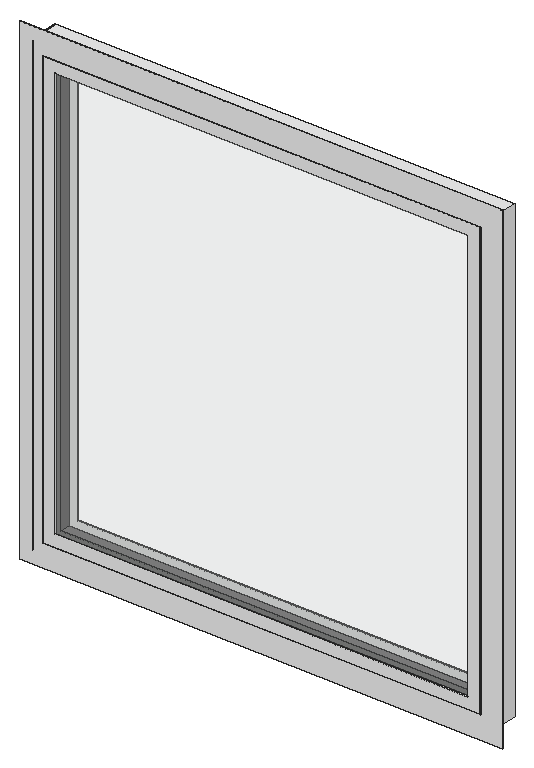
Revit family "Casement_38_E_Top_Hung_Standard", category Windows, host Wall, Revit 2014
Parameters (values of type "Casement_Sash_DG")
  Width Sash [instance] = 30 mm
  Width Sash Inner = 15 mm
  Width Bead = 15 mm
  Top Hung [instance] = yes
  Side Hung Right [instance] = yes
  Side Hung Left [instance] = yes
  Sash Opening Width [instance] = 600 mm
  Sash Opening Height [instance] = 600.312 mm
  Sash Lip = 15 mm
  Glazing Material [instance] = Glass
  DG Start Piece 2 [instance] = DG End Piece 1 + DG Gasket Thickness  # 25 mm
  DG Start Peice 1 [instance] = (Depth Sash - (2 * DG Glazing Thickness) - DG Gasket Thickness) / 2  # 6.6 mm
  Glazing Offset = 5 mm
  DG Glazing Thickness [instance] = 6.4 mm
  DG Gasket Thickness = 12 mm  # constant formula
  DG Gasket Material [instance] = Double Glazing Gasket Material
  DG End Piece 2 [instance] = DG Start Piece 2 + DG Glazing Thickness  # 31.4 mm
  DG End Piece 1 [instance] = DG Start Peice 1 + DG Glazing Thickness  # 13 mm
  Depth Sash [instance] = 38 mm
  Center Vertical Sash [instance] = Sash Opening Height / 2  # 300.156 mm
  Center Horizontal Sash [instance] = Sash Opening Width / 2  # 300 mm
  Bottom Hung [instance] = yes
  Bead Offset = 15 mm
  Aluminium Thickness = 1 mm
  Aluminium Material [instance] = White Powder Coated Aluminium
Reference planes
  plane 1 "Center (Front/Back)": y = 0
  plane 2: z = 0
  plane 3 "Center (Left/Right)": x = 0
Forms (mm)
  Sweep 1, solid, material "White Powder Coated Aluminium" <- "Aluminium Material"
    path origin (16.177, 0, 121.331) x (1, 0, 0) y (0, 0, 1)
      loop
        line (0, 0) -> (600, 0) -> (600, 600.312) -> (0, 600.312) -> (0, 0)
    profile origin (316.177, 0, 121.331) x (0, 0, 1) y (0, -1, 0)
      loop
        line (0, 0) -> (30, 0) -> (30, 1) -> (15, 1) -> (15, 38) -> (-15, 38) -> (-15, 37) -> (0, 37) -> (0, 0)
      loop
        line (14, 1) -> (14, 37) -> (1, 37) -> (1, 1) -> (14, 1)
  Sweep 2, solid, material "White Powder Coated Aluminium" <- "Aluminium Material"
    path origin (0, 0, 0) x (1, 0, 0) y (0, 0, 1)
      loop
        line (31.177, 706.643) -> (31.177, 136.331) -> (601.177, 136.331) -> (601.177, 706.643) -> (31.177, 706.643)
    profile origin (316.177, 0, 706.643) x (0, 0, 1) y (0, -1, 0)
      loop
        line (0, 37) -> (0, 38) -> (-15, 38) -> (-15, 37) -> (0, 37)
  Extrusion 3, solid, material "Glass" <- "Glazing Material"
    sketch origin (0, 0, 0) x (1, 0, 0) y (0, 0, 1)
      loop
        line (36.177, 701.643) -> (36.177, 141.331) -> (596.177, 141.331) -> (596.177, 701.643) -> (36.177, 701.643)
    from 6.6 <- "DG Start Peice 1" to 13 <- "DG End Piece 1"
  Extrusion 4, solid, material "Glass" <- "Glazing Material"
    sketch origin (0, 0, 0) x (1, 0, 0) y (0, 0, 1)
      loop
        line (36.177, 701.643) -> (36.177, 141.331) -> (596.177, 141.331) -> (596.177, 701.643) -> (36.177, 701.643)
    from 31.4 <- "DG End Piece 2" to 25 <- "DG Start Piece 2"
  Sweep 5, solid, material "Double Glazing Gasket Material" <- "DG Gasket Material"
    path origin (0, -13, 0) x (1, 0, 0) y (0, 0, 1)
      loop
        line (36.177, 701.643) -> (36.177, 141.331) -> (596.177, 141.331) -> (596.177, 701.643) -> (36.177, 701.643)
    profile origin (316.177, -13, 701.643) x (0, 0, 1) y (0, -1, 0)
      loop
        line (0, 0) -> (0, 12) -> (-7.96, 12) -> (-7.96, 0) -> (0, 0)
Lines and regions (mm)
  model lines
    curve 1: line (1.177, -38, 736.643) -> (31.177, -38, 706.643)
    curve 2: line (601.177, -38, 706.643) -> (631.177, -38, 736.643)
    curve 3: line (601.177, -38, 136.331) -> (631.177, -38, 106.331)
    curve 4: line (1.177, -38, 106.331) -> (31.177, -38, 136.331)
    curve 5: line (631.177, -37, 736.643) -> (616.177, -37, 721.643)
    curve 6: line (1.177, -37, 736.643) -> (16.177, -37, 721.643)
    curve 7: line (1.177, -37, 106.331) -> (16.177, -37, 121.331)
    curve 8: line (631.177, -37, 106.331) -> (616.177, -37, 121.331)
    curve 9: line (616.177, 0, 121.331) -> (586.177, 0, 151.331)
    curve 10: line (46.177, 0, 151.331) -> (16.177, 0, 121.331)
    curve 11: line (616.177, 0, 721.643) -> (586.177, 0, 691.643)
    curve 12: line (46.177, 0, 691.643) -> (16.177, 0, 721.643)
    curve 13: line (31.177, -38, 691.643) -> (46.177, -38, 691.643)
    curve 14: line (586.177, -38, 691.643) -> (601.177, -38, 691.643)
    curve 15: line (586.177, -38, 151.331) -> (601.177, -38, 151.331)
    curve 16: line (31.177, -38, 151.331) -> (46.177, -38, 151.331)
  model lines, style "GenericModelHiddenLines", visible <- "Top Hung"
    curve 17: line (46.386, -31.4, 690.914) -> (316.177, -31.4, 151.331)
    curve 18: line (316.177, -31.4, 151.331) -> (586.177, -31.4, 691.331)
  model lines, style "GenericModelHiddenLines", visible <- "Bottom Hung"
    curve 19: line (46.177, -31.4, 151.331) -> (316.177, -31.4, 691.331)
    curve 20: line (316.177, -31.4, 691.331) -> (586.177, -31.4, 151.331)
  model lines, style "GenericModelHiddenLines", visible <- "Side Hung Left"
    curve 21: line (46.386, -31.4, 690.914) -> (585.24, -31.4, 421.487)
    curve 22: line (585.24, -31.4, 421.487) -> (46.177, -31.4, 151.331)
  model lines, style "GenericModelHiddenLines", visible <- "Side Hung Right"
    curve 23: line (586.177, -31.4, 691.331) -> (46.177, -31.4, 421.487)
    curve 24: line (46.177, -31.4, 421.487) -> (586.177, -31.4, 151.331)
Dimensions and locks
  "Aluminium Thickness": Sweep 1 sketch curve to Sweep 1 sketch curve  (x4)
  "Depth Sash": Sweep 1 sketch curve to Sweep 1 sketch curve
  "Sash Opening Width": Sweep 1 to Sweep 1
  "Sash Opening Height": Sweep 1 to Sweep 1
  "Width Sash": Sweep 1 sketch curve to Sweep 1 sketch curve  (x2)
  "Width Sash Inner": Sweep 1 sketch curve to Sweep 1 sketch curve
  "Sash Lip": Sweep 1 sketch curve to Sweep 1 sketch curve
  "Aluminium Thickness": Sweep 1 to Sweep 2 sketch curve
  "Glazing Offset": Sweep 2 to Extrusion 3 sketch curve  (x3)
  "Glazing Offset": Extrusion 3 sketch curve to Sweep 2
  Sweep 1 to Sweep 1 = 1 mm
  "Aluminium Thickness": Sweep 2 sketch curve to Sweep 2 sketch curve
  "Width Bead": Sweep 2 sketch curve to Sweep 2 sketch curve
  locked: Sweep 5 sketch curve to Sweep 5 sketch curve at 7.96
  "Center Horizontal Sash": Sweep 1 to curve 18
  "Center Horizontal Sash": Sweep 1 to curve 20
  "Center Vertical Sash": Sweep 1 to curve 22
  "Center Vertical Sash": Sweep 1 to curve 24
  aligned and locked: level to plane 2
  aligned and locked: Sweep 1 sketch curve to Sweep 1 sketch curve  (x2)
  aligned and locked: Sweep 2 sketch curve to Sweep 1  (x5)
  aligned and locked: Extrusion 4 sketch curve to Extrusion 3  (x4)
  aligned and locked: Sweep 5 sketch curve to Extrusion 3  (x5)
  aligned and locked: Extrusion 3 to Sweep 5 sketch curve
Automatic sketch dimensions
  plane 3 "Center (Left/Right)" to Sweep 1 sketch curve = 16.177 mm
  level to Sweep 1 sketch curve = 121.331 mm
  plane 3 "Center (Left/Right)" to Sweep 1 sketch curve = 616.177 mm
  level to Sweep 1 sketch curve = 721.643 mm
  profile plane to Sweep 5 sketch curve = 12 mm
  curve 7 to Sweep 1 = 0 mm  (x4)
  curve 6 to Sweep 1 = 0 mm  (x3)
  Sweep 1 to curve 6 = 0 mm
  curve 5 to Sweep 1 = 0 mm  (x3)
  curve 8 to Sweep 1 = 0 mm  (x4)
  Sweep 1 to curve 5 = 0 mm
  curve 16 to Sweep 2 = 0 mm  (x3)
  curve 13 to Sweep 2 = 0 mm  (x3)
  curve 15 to Sweep 2 = 0 mm
  Sweep 2 to curve 15 = 0 mm  (x2)
  curve 14 to Sweep 2 = 0 mm  (x2)
  Sweep 2 to curve 14 = 0 mm
  curve 1 to Sweep 1 = 0 mm  (x4)
  curve 4 to Sweep 1 = 0 mm  (x3)
  Sweep 1 to curve 4 = 0 mm
  curve 3 to Sweep 1 = 0 mm  (x3)
  curve 2 to Sweep 1 = 0 mm  (x4)
  Sweep 1 to curve 3 = 0 mm
  curve 10 to Sweep 1 = 0 mm  (x4)
  curve 12 to Sweep 1 = 0 mm  (x3)
  Sweep 1 to curve 12 = 0 mm
  curve 9 to Sweep 1 = 0 mm  (x4)
  curve 11 to Sweep 1 = 0 mm  (x3)
  Sweep 1 to curve 11 = 0 mm
  Sweep 1 sketch curve to plane 1 "Center (Front/Back)" = 0 mm
  profile plane to Sweep 1 sketch curve = 0 mm
  curve 21 to Extrusion 4 = 10.208 mm
  curve 19 to Extrusion 4 = 10 mm
  curve 23 to Extrusion 4 = 10 mm  (x2)
  curve 22 to Extrusion 4 = 10.937 mm
  curve 20 to Extrusion 4 = 10 mm
  curve 24 to Extrusion 4 = 10 mm
  curve 22 to Extrusion 4 = 10 mm
  curve 18 to Extrusion 4 = 10 mm
  curve 21 to Extrusion 4 = 10.729 mm
  curve 19 to Extrusion 4 = 10.312 mm
  curve 18 to Extrusion 4 = 10.312 mm
Types in the file's own list only (6): name | Windload Design | Width Sash Opening | Width Sash | Width Profile | Width Fixed Pane RHS | Width Fixed Pane Bottom LHS | Width Panel 1 | Width | URL | Offset Window Exterior | Max System DG Unit Thickness | Max System DG One Piece Thickness | Max Pane Area | Limit Fixed Pane Width Min | Limit Fixed Pane Width Max | Limit Fixed Pane Height Min | Limit Fixed Pane Height Max | Intruderprufe U Value | Intruderprufe SHGC Value | Intruderprufe LowE U Value | Intruderprufe LowE SHGC Value | Intruderprufe Insulated U Value | Intruderprufe Insulated SHGC Value | Intruderprufe Insulated LowE U Value | Intruderprufe Insulated LowE SHGC Value | Height | Energy Advantage U Value | Energy Advantage SHGC Value | DG Thickness Calc | Custom Window Width | Custom Window Height | Window Exterior Offset | Custom Windload | Custom Sash Width | Custom Sash Height | Sash Spacing Inner | Sash Overlap | Sash Center Offset | SG Gasket Thickness | Offset Sash Left | Offset Sash Top | Offset Panel 4 Left | Offset Panel 3 Bead Top | Offset Mullion Left | Offset Transom Top | Offset Bead SG Center Reversed | Model | Manufacturer | Limit Window Width Min | Limit Window Width Max | Limit Window Height Min | Limit Window Height Max | Limit Sash Width Min | Limit Sash Width Max | Limit Sash Height Min | Limit Sash Height Max | Length Transom | Length Mullion | Height Sash Opening | Height Sash | Height Fixed Pane RHS | Height Fixed Pane Bottom LHS | Height Panel 1 | Description | Depth Mullion | Frame Center Offset | Depth Bead | Default Sill Height | Wall Closure | DG Gasket Finish | DG Extrusion Start | Mullion Depth Windload Based | Clearvue U Value | Clearvue SHGC Value | Clearvue Insulated U Value | Clearvue Insulated SHGC Value | Clearvue Insulated LowE U Value | Clearvue Insulated LowE SHGC Value | Casement Dimension | Bottom Hung | Bead SG Gap | Area Pane Right | Area Pane Left Top | Area Pane Left Bottom
  38-1209T-1000Pa | 1000 mm | 554 mm | 524 mm | 30 mm | 560 mm | 540 mm | 540 mm | 1190 mm | "http://www.crealco.co.za/crealco-products.php" | 19 mm | 25 mm | 6 mm | 0.45 m² | 200 mm | 1500 mm | 200 mm | 1800 mm | 7.35 | 0.709 | 5.54 | 0.612 | 4.78 | 0.59 | 4.21 | 0.539 | 890 mm | 5.7 | 0.654 | 4 mm | 1190 mm | 890 mm | 0 mm | 1000 mm | 554 mm | 554 mm | 8 mm | 7 mm | 16 mm | 6 mm | 23 mm | 23 mm | 600 mm | 600 mm | 570 mm | 570 mm | 19 mm | "Casement 38" | "Crealco" | 830 mm | 2130 mm | 830 mm | 1860 mm | 300 mm | 1500 mm | 300 mm | 1200 mm | 540 mm | 890 mm | 554 mm | 524 mm | 830 mm | 260 mm | 539 mm | "Window 38mm, Type E top hung" | 39 mm | 19 mm | 24 mm | 800 mm | By host | Double Glazing Gasket Material | 9 mm | 39 mm | 7.47 | 0.726 | 4.9 | 0.639 | 4.3 | 0.58 | 38 mm | No | 13 mm | 0.45 m² | 0.23 m² | 0.13 m²
  38-1209T-1500Pa | 1500 mm | 554 mm | 524 mm | 30 mm | 560 mm | 540 mm | 540 mm | 1190 mm | "http://www.crealco.co.za/crealco-products.php" | 19 mm | 25 mm | 6 mm | 0.45 m² | 200 mm | 1500 mm | 200 mm | 1800 mm | 7.35 | 0.709 | 5.54 | 0.612 | 4.78 | 0.59 | 4.21 | 0.539 | 890 mm | 5.7 | 0.654 | 4 mm | 1190 mm | 890 mm | 0 mm | 1500 mm | 554 mm | 554 mm | 8 mm | 7 mm | 16 mm | 6 mm | 23 mm | 23 mm | 600 mm | 600 mm | 570 mm | 570 mm | 19 mm | "Casement 38" | "Crealco" | 830 mm | 2130 mm | 830 mm | 1860 mm | 300 mm | 1500 mm | 300 mm | 1200 mm | 540 mm | 890 mm | 554 mm | 524 mm | 830 mm | 260 mm | 539 mm | "Window 38mm, Type E top hung" | 39 mm | 19 mm | 24 mm | 800 mm | By host | Double Glazing Gasket Material | 9 mm | 39 mm | 7.47 | 0.726 | 4.9 | 0.639 | 4.3 | 0.58 | 38 mm | No | 13 mm | 0.45 m² | 0.23 m² | 0.13 m²
  38-1209T-2000Pa | 2000 mm | 554 mm | 524 mm | 30 mm | 560 mm | 540 mm | 540 mm | 1190 mm | "http://www.crealco.co.za/crealco-products.php" | 19 mm | 25 mm | 6 mm | 0.45 m² | 200 mm | 1500 mm | 200 mm | 1800 mm | 7.35 | 0.709 | 5.54 | 0.612 | 4.78 | 0.59 | 4.21 | 0.539 | 890 mm | 5.7 | 0.654 | 4 mm | 1190 mm | 890 mm | 0 mm | 2000 mm | 554 mm | 554 mm | 8 mm | 7 mm | 16 mm | 6 mm | 23 mm | 23 mm | 600 mm | 600 mm | 570 mm | 570 mm | 19 mm | "Casement 38" | "Crealco" | 830 mm | 2130 mm | 830 mm | 1860 mm | 300 mm | 1500 mm | 300 mm | 1200 mm | 540 mm | 890 mm | 554 mm | 524 mm | 830 mm | 260 mm | 539 mm | "Window 38mm, Type E top hung" | 39 mm | 19 mm | 24 mm | 800 mm | By host | Double Glazing Gasket Material | 9 mm | 39 mm | 7.47 | 0.726 | 4.9 | 0.639 | 4.3 | 0.58 | 38 mm | No | 13 mm | 0.45 m² | 0.23 m² | 0.13 m²
  38-1509T-1000Pa | 1000 mm | 554 mm | 524 mm | 30 mm | 860 mm | 540 mm | 540 mm | 1490 mm | "http://www.crealco.co.za/crealco-products.php" | 19 mm | 25 mm | 6 mm | 0.70 m² | 200 mm | 1500 mm | 200 mm | 1800 mm | 7.59 | 0.772 | 5.61 | 0.671 | 4.77 | 0.648 | 4.13 | 0.59 | 890 mm | 5.76 | 0.717 | 4 mm | 1490 mm | 890 mm | 0 mm | 1000 mm | 554 mm | 554 mm | 8 mm | 7 mm | 16 mm | 6 mm | 23 mm | 23 mm | 600 mm | 600 mm | 570 mm | 570 mm | 19 mm | "Casement 38" | "Crealco" | 830 mm | 2130 mm | 830 mm | 1860 mm | 300 mm | 1500 mm | 300 mm | 1200 mm | 540 mm | 890 mm | 554 mm | 524 mm | 830 mm | 260 mm | 539 mm | "Window 38mm, Type E top hung" | 39 mm | 19 mm | 24 mm | 800 mm | By host | Double Glazing Gasket Material | 9 mm | 39 mm | 7.73 | 0.8 | 4.89 | 0.7 | 4.21 | 0.637 | 38 mm | No | 13 mm | 0.70 m² | 0.23 m² | 0.13 m²
  38-1509T-1500Pa | 1500 mm | 554 mm | 524 mm | 30 mm | 860 mm | 540 mm | 540 mm | 1490 mm | "http://www.crealco.co.za/crealco-products.php" | 19 mm | 25 mm | 6 mm | 0.70 m² | 200 mm | 1500 mm | 200 mm | 1800 mm | 7.59 | 0.772 | 5.61 | 0.671 | 4.77 | 0.648 | 4.13 | 0.59 | 890 mm | 5.76 | 0.717 | 4 mm | 1490 mm | 890 mm | 0 mm | 1500 mm | 554 mm | 554 mm | 8 mm | 7 mm | 16 mm | 6 mm | 23 mm | 23 mm | 600 mm | 600 mm | 570 mm | 570 mm | 19 mm | "Casement 38" | "Crealco" | 830 mm | 2130 mm | 830 mm | 1860 mm | 300 mm | 1500 mm | 300 mm | 1200 mm | 540 mm | 890 mm | 554 mm | 524 mm | 830 mm | 260 mm | 539 mm | "Window 38mm, Type E top hung" | 39 mm | 19 mm | 24 mm | 800 mm | By host | Double Glazing Gasket Material | 9 mm | 39 mm | 7.73 | 0.8 | 4.89 | 0.7 | 4.21 | 0.637 | 38 mm | No | 13 mm | 0.70 m² | 0.23 m² | 0.13 m²
  38-1509T-2000Pa | 2000 mm | 554 mm | 524 mm | 30 mm | 860 mm | 540 mm | 540 mm | 1490 mm | "http://www.crealco.co.za/crealco-products.php" | 19 mm | 25 mm | 6 mm | 0.70 m² | 200 mm | 1500 mm | 200 mm | 1800 mm | 7.59 | 0.772 | 5.61 | 0.671 | 4.77 | 0.648 | 4.13 | 0.59 | 890 mm | 5.76 | 0.717 | 4 mm | 1490 mm | 890 mm | 0 mm | 2000 mm | 554 mm | 554 mm | 8 mm | 7 mm | 16 mm | 6 mm | 23 mm | 23 mm | 600 mm | 600 mm | 570 mm | 570 mm | 19 mm | "Casement 38" | "Crealco" | 830 mm | 2130 mm | 830 mm | 1860 mm | 300 mm | 1500 mm | 300 mm | 1200 mm | 540 mm | 890 mm | 554 mm | 524 mm | 830 mm | 260 mm | 539 mm | "Window 38mm, Type E top hung" | 39 mm | 19 mm | 24 mm | 800 mm | By host | Double Glazing Gasket Material | 9 mm | 39 mm | 7.73 | 0.8 | 4.89 | 0.7 | 4.21 | 0.637 | 38 mm | No | 13 mm | 0.70 m² | 0.23 m² | 0.13 m²
